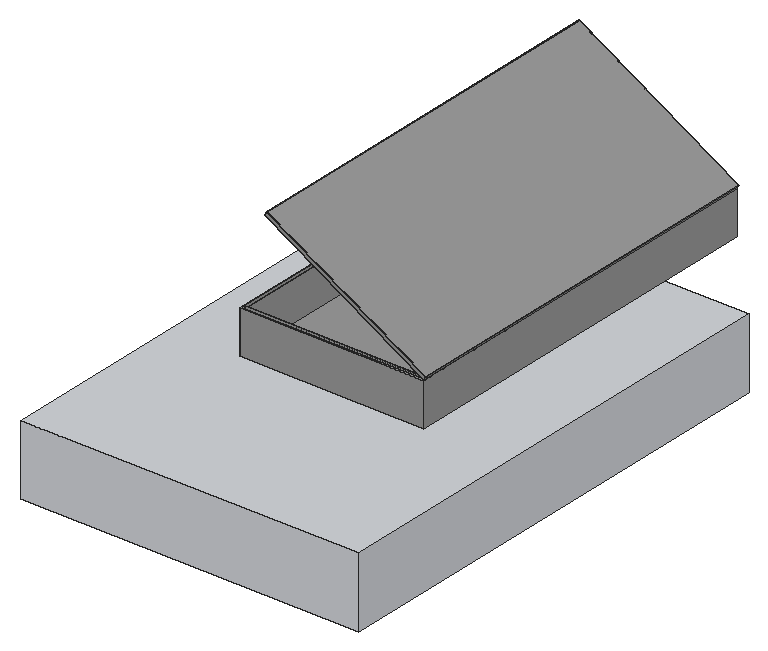
Revit family "Hager-Univers-IP44-D205-H1700-Cl.I-encl-PL-en", category Equipement électrique, Revit 2020
Family settings
  Hôte = Face
  Configuration du panneau = Deux colonnes, circuits au sein
  Cote de connecteur circulaire = Utiliser le diamètre
  Type d'élément = Tableau de raccordement
  Couper avec des vides une fois chargée = Non
  Partagée = Non
  Point de calcul de pièce = Non
Parameters (values of type "Surface mounted (plaster) IP44 W800 H1700 D205  - FP13TN2")
  Width Control [instance] = if([EF000008 - Width] > Min Width, [EF000008 - Width], Min Width)  # 800 mm
  Commentaires du type = [HG000003 - Range]  # "Univers"
  Thickness Door [instance] = if([EF009171 - Material plate thickness door/cover] > 3 mm, 3 mm, [EF009171 - Material plate thickness door/cover])  # 1 mm
  Seal Frame Offset [instance] = 17 mm  # constant formula
  Plinth Visibility [instance] = [HG000027 - Plinth height] > 0 mm  # no
  Model = ""
  Min Width [instance] = 100 mm  # constant formula
  Min Height [instance] = 100 mm  # constant formula
  Min Depth [instance] = (2 * [EF009170 - Material plate thickness cabinet]) + 1 mm  # 3 mm
  Internal Frame Depth [instance] = (Door System Depth * 0.5)  # 9 mm
  Height Control [instance] = if([EF000040 - Height] > Min Height, [EF000040 - Height], Min Height)  # 1700 mm
  HG000027 - Plinth height = 0 mm
  HG000026 - Floor standing = no
  HG000024 - Bottom section height = 800 mm
  HG000023 - Double section enclosure = no
  HG000016 - Door 3d visibility [instance] = yes
  HG000015 - Clearance visibility [instance] = no
  HG000014 - Door on the right [instance] = yes
  HG000013 - Door on the left [instance] = not([HG000014 - Door on the right])  # no
  HG000012 - Door swing angle [instance] = 30.00°
  HG000010 - Asymmetric doors = no
  HG000009 - Double swing door = no
  HG000006 - Flush mounted = no
  HG000004 - Manufacturer reference = "FP13TN2"
  HG000003 - Range = "Univers"
  HG000002 - With door or cover = yes
  Frame Offset Bottom [instance] = 10 mm  # constant formula
  Frame Offset [instance] = 15 mm  # constant formula
  EF015940 - Cover with overpressure release = no
  EF011959 - Degree of protection (NEMA) = ""
  EF009554 - Number of openings for flange plates = 6
  EF009212 - Cover model = "EV000116 - Closed"
  EF009171 - Material plate thickness door/cover = 1 mm
  EF009170 - Material plate thickness cabinet = 1 mm
  Fabricant = "Hager"  # constant formula
  EF008873 - Nominal current (In) = 400 A
  EF007800 - Suitable for lightning protection = no
  EF006306 - With lock = no
  EF006244 - Transparent cover/door = no
  EF005474 - Degree of protection (IP) = "EV006418 - IP44"
  EF004464 - Type of door = "EV002646 - Single"
  EF004427 - Number of modules = 396
  EF004293 - Impact strength = "EV006815 - IK09"
  EF003532 - Suitable for outdoor use = no
  EF002950 - Width in number of modular spacings = 36
  EF001613 - Circuit integrity = "EV000494 - None"
  EF001596 - Material housing = "EV000179 - Steel"
  EF001131 - Internal depth = 205 mm
  EF001088 - Extension possible = yes
  EF000437 - Number of conduit inlets = 6
  EF000339 - Type of cover = "EV001012 - Cover"
  EF000266 - Number of rows = 11
  EF000218 - Built-in depth = 205 mm
  EF000118 - With mounting plate = no
  EF000116 - RAL-number = "9010"
  EF000049 - Depth = 205 mm
  EF000040 - Height = 1700 mm
  EF000008 - Width = 800 mm
  EF000007 - Colour = "EV000202 - White"
  EF000003 - Mounting method = "EV000384 - Surface mounted (plaster)"
  Door System Leaf Tolerance [instance] = 1.5 mm  # constant formula
  Door System Depth [instance] = 18 mm  # constant formula
  Door Height [instance] = Height Control - [HG000027 - Plinth height]  # 1700 mm
  Depth Control [instance] = if([EF000049 - Depth] > Min Depth, [EF000049 - Depth], Min Depth)  # 205 mm
  Default Elevation = 0 mm
  Connector Offset [instance] = Height Control / 2  # 850 mm
  Bottom Top Plate Trim [instance] = 1.5 mm  # constant formula
  Plinth height Ctrl [instance] = if([HG000027 - Plinth height] > 0 mm, [HG000027 - Plinth height], 12 mm)  # 12 mm
Types (4, lengths in mm): name | Width Control | HG000010 - Asymmetric doors | HG000009 - Double swing door | HG000004 - Manufacturer reference | EF009554 - Number of openings for flange plates | EF008873 - Nominal current (In) | EF004464 - Type of door | EF004427 - Number of modules | EF002950 - Width in number of modular spacings | EF000437 - Number of conduit inlets | EF000008 - Width
  Surface mounted (plaster) IP44 W1300 H1700 D205  - FP15TN2 | 1300 | yes | yes | "FP15TN2" | 10 | 400 A | "EV003602 - Double" | 660 | 60 | 10 | 1300
  Surface mounted (plaster) IP44 W300 H1700 D205  - FP11TN2 | 300 | no | no | "FP11TN2" | 2 | 250 A | "EV002646 - Single" | 132 | 12 | 2 | 300
  Surface mounted (plaster) IP44 W550 H1700 D205  - FP12TN2 | 550 | no | no | "FP12TN2" | 4 | 250 A | "EV002646 - Single" | 264 | 24 | 4 | 550
  Surface mounted (plaster) IP44 W800 H1700 D205  - FP13TN2 | 800 | no | no | "FP13TN2" | 6 | 400 A | "EV002646 - Single" | 396 | 36 | 6 | 800
Reference planes
  plane 1 "Center (Front/Back)": y = 0
  plane 2: z = 0
  plane 3 "Center (Left/Right)": x = 0
  plane 4: z = 205
  plane 5: y = 1
  plane 6: y = 850
  plane 7: y = 0
  plane 8: y = 1700
  plane 9: z = 0
  plane 10: x = -385
  plane 11: x = 385
  plane 12: x = 384
  plane 13: x = -384
  plane 14: y = 1699
  plane 15: x = -383
  plane 16: x = -400
  plane 17: x = 383
  plane 18: x = 400
  plane 19: x = 399
  plane 20: x = -399
  plane 21: y = 11
  plane 22: y = 1700
  plane 23: y = 1684
  plane 24: z = 187
  plane 25: z = 1
  plane 26: z = 186
  plane 27: z = 204
Forms (mm)
  Extrusion 1, solid
    sketch origin (0, 0, 0) x (1, 0, 0) y (0, 1, 0)
      loop
        line (-702.964, 1305) -> (-702.964, -811.445) -> (766.763, -811.445) -> (766.763, 1305) -> (-702.964, 1305)
    from 0 to -304.8
  Extrusion 2, solid, material "Hager_Steel_RAL7035_Light_Grey", visible <- "Plinth Visibility", detail levels medium+fine
    sketch origin (0, 0, 0) x (1, 0, 0) y (0, 1, 0)
      loop
        line (-400, 0) -> (400, 0) -> (400, 12) -> (-400, 12) -> (-400, 0)
    from 0 to 187
  Extrusion 3, solid, material "Hager_Steel_RAL7035_Light_Grey", detail levels medium+fine
    sketch origin (0, 0, 0) x (1, 0, 0) y (0, 1, 0)
      loop
        line (-400, 0) -> (400, 0) -> (400, 1700) -> (-400, 1700) -> (-400, 0)
    from 0 to 187
  Extrusion 4, void
    sketch origin (0, 0, 0) x (1, 0, 0) y (0, 1, 0)
      loop
        line (-399, 1) -> (399, 1) -> (399, 1699) -> (-399, 1699) -> (-399, 1)
    from 1 to 186
  Extrusion 5, void
    sketch origin (-381.607, -4572, 187) x (0, -1, 0) y (-1, 0, 0)
      loop
        line (-4583, 2.393) -> (-6256, 2.393) -> (-6256, -765.607) -> (-4583, -765.607) -> (-4583, 2.393)
    from 0 to 1 <- "EF009170 - Material plate thickness cabinet"
  Extrusion 6, solid, material "Hager_Steel_RAL7035_Light_Grey", detail levels fine
    sketch origin (0, 0, 187) x (1, 0, 0) y (0, 1, 0)
      loop
        line (-384, 1684) -> (-384, 11) -> (384, 11) -> (384, 1684) -> (-384, 1684)
      loop
        line (-385, 10) -> (385, 10) -> (385, 1685) -> (-385, 1685) -> (-385, 10)
    from 0 to 9 <- "Internal Frame Depth"
  Extrusion 7, solid, material "Hager_Steel_RAL7035_Light_Grey", detail levels coarse
    sketch origin (0, 0, 0) x (1, 0, 0) y (0, 1, 0)
      loop
        line (-400, 0) -> (400, 0) -> (400, 1700) -> (-400, 1700) -> (-400, 0)
    from 0 to 205
  Sweep 8, void
    path in 3D
      loop
        line (-400, 12, 0) -> (400, 12, 0) -> (400, 12, 187) -> (-400, 12, 187) -> (-400, 12, 0)
    profile origin (-400, 12, 93.5) x (-1, 0, 0) y (0, -1, 0)
      loop
        line (0, 0) -> (0, 1.5) -> (-1.5, 1.5)
        arc (-1.5, 1.5) -> (-1.061, 0.439) -> (0, 0) r 1.5
Cuts and joins
  Extrusion 4, Extrusion 5 cuts Extrusion 3
  Sweep 8 cuts Extrusion 2
Lines and regions (mm)
  Masking region 1
    outline origin (0, 0, 0) x (1, 0, 0) y (0, 0, 1)
      loop
        line (-400, 205) -> (-400, 0) -> (400, 0) -> (400, 205) -> (-400, 205)
  Masking region 2, detail levels medium+fine
    outline origin (0, 140, 0) x (0, 1, 0) y (0, 0, 1)
      loop
        line (-140, 0) -> (1560, 0) -> (1560, 187) -> (-140, 187) -> (-140, 0)
  Masking region 3, not visible, detail levels medium+fine
    outline origin (0, 297.922, 0) x (0, 1, 0) y (0, 0, 1)
      loop
        line (563.578, 0) -> (603.578, 0) -> (603.578, 194)
        arc (603.578, 194) -> (600.649, 201.071) -> (593.578, 204) r 10
        line (593.578, 204) -> (563.578, 204) -> (563.578, 0)
  Masking region 4, detail levels coarse
    outline origin (0, 0, 180) x (0, 1, 0) y (0, 0, 1)
      loop
        line (0, -180) -> (1700, -180) -> (1700, 25) -> (0, 25) -> (0, -180)
  Masking region 5, visible <- "Plinth Visibility", detail levels medium+fine
    outline origin (0, 52.24, 12.345) x (0, 0, -1) y (0, 1, 0)
      loop
        line (10.845, -40.24) -> (-173.155, -40.24)
        arc (-173.155, -40.24) -> (-173.594, -41.301) -> (-174.655, -41.74) r 1.5
        line (-174.655, -41.74) -> (-174.655, -52.24) -> (12.345, -52.24) -> (12.345, -41.74)
        arc (12.345, -41.74) -> (11.285, -41.301) -> (10.845, -40.24) r 1.5
  Masking region 6, detail levels medium+fine
    outline origin (-381.607, -4572, 187) x (-1, 0, 0) y (0, -1, 0)
      loop
        line (18.393, -6272) -> (18.393, -4572) -> (-781.607, -4572) -> (-781.607, -6272) -> (18.393, -6272)
  Masking region 7, visible <- "Plinth Visibility", detail levels medium+fine
    outline origin (-381.607, -4727, 187) x (-1, 0, 0) y (0, -1, 0)
      loop
        arc (16.893, -4739) -> (17.332, -4737.939) -> (18.393, -4737.5) r 1.5
        line (18.393, -4737.5) -> (18.393, -4727) -> (-781.607, -4727) -> (-781.607, -4737.5)
        arc (-781.607, -4737.5) -> (-780.546, -4737.939) -> (-780.107, -4739) r 1.5
        line (-780.107, -4739) -> (16.893, -4739)
  Masking region 8, detail levels coarse
    outline origin (-442.548, -4669.526, 187) x (-1, 0, 0) y (0, -1, 0)
      loop
        line (-42.548, -6369.526) -> (-42.548, -4669.526) -> (-842.548, -4669.526) -> (-842.548, -6369.526) -> (-42.548, -6369.526)
  sketch lines
    curve 1: line (-400, 12, 187) -> (-400, 12, 0)
    curve 2: line (400, 12, 187) -> (-400, 12, 187)
    curve 3: line (400, 12, 187) -> (400, 12, 0)
    curve 4: line (-400, 12, 0) -> (400, 12, 0)
Dimensions and locks
  "Depth Control": plane 4 to Extrusion 1
  "HG000027 - Plinth height": plane 1 "Center (Front/Back)" to plane 7
  "EF009170 - Material plate thickness cabinet": plane 5 to plane 7
  locked: connector elem to plane 3 "Center (Left/Right)"
  equal spacing: plane 8, plane 6, plane 7
  locked: connector elem to plane 6
  "EF009170 - Material plate thickness cabinet": plane 8 to plane 14
  "EF009170 - Material plate thickness cabinet": plane 10 to plane 13
  "EF009170 - Material plate thickness cabinet": plane 12 to plane 11
  "Frame Offset": plane 20 to plane 13
  "Frame Offset": plane 12 to plane 19
  "EF009170 - Material plate thickness cabinet": plane 16 to plane 20
  "EF009170 - Material plate thickness cabinet": plane 19 to plane 18
  "Seal Frame Offset": plane 16 to plane 15
  "Seal Frame Offset": plane 17 to plane 18
  "Frame Offset Bottom": plane 21 to plane 5
  "Frame Offset": plane 14 to plane 23
  equal spacing: plane 16, plane 3 "Center (Left/Right)", plane 18
  "Width Control": plane 16 to plane 18
  "EF009170 - Material plate thickness cabinet": plane 4 to plane 27
  "EF009170 - Material plate thickness cabinet": plane 24 to plane 26
  "EF009170 - Material plate thickness cabinet": plane 25 to level
  "Door System Depth": plane 4 to plane 24
  "Height Control": plane 1 "Center (Front/Back)" to Extrusion 7 sketch curve
  "Height Control": Masking region 4 sketch curve to plane 1 "Center (Front/Back)"
  "Height Control": plane 1 "Center (Front/Back)" to plane 22
  "Bottom Top Plate Trim": profile plane to Sweep 8 sketch curve
  "Bottom Top Plate Trim": Sweep 8 sketch curve to profile plane
  "Plinth height Ctrl": plane 1 "Center (Front/Back)" to Extrusion 2 sketch curve
  "Plinth height Ctrl": Masking region 5 sketch curve to plane 1 "Center (Front/Back)"
  "Plinth height Ctrl": plane 1 "Center (Front/Back)" to Masking region 7 sketch curve
  "Thickness Door": Extrusion 6 sketch curve to Extrusion 6 sketch curve  (x3)
  "Thickness Door": cut or joined group of Extrusion 3, Extrusion 4, Extrusion 5 to Extrusion 6 sketch curve
  radius of Masking region 3 sketch curve = 10 mm
  "Bottom Top Plate Trim": radius of Masking region 5 sketch curve  (x2)
  "Bottom Top Plate Trim": radius of Sweep 8 sketch curve
  "Bottom Top Plate Trim": radius of Masking region 7 sketch curve  (x2)
  aligned and locked: plane 2 to Extrusion 1
  aligned and locked: level to Extrusion 1
  aligned and locked: level to Masking region 1 sketch curve
  aligned and locked: Masking region 1 sketch curve to plane 18
  aligned and locked: Masking region 1 sketch curve to plane 16
  aligned and locked: plane 7 to Masking region 2 sketch curve
  aligned and locked: level to Masking region 3 sketch curve
  aligned and locked: Masking region 3 sketch curve to plane 27
  aligned and locked: level to Masking region 2 sketch curve
  aligned and locked: plane 1 "Center (Front/Back)" to Extrusion 2 sketch curve
  aligned and locked: Extrusion 3 sketch curve to plane 7
  aligned and locked: plane 16 to Extrusion 3 sketch curve
  aligned and locked: plane 18 to Extrusion 3 sketch curve
  aligned and locked: plane 20 to Extrusion 4 sketch curve
  aligned and locked: plane 19 to Extrusion 4 sketch curve
  aligned and locked: Extrusion 4 sketch curve to plane 5
  aligned and locked: Extrusion 4 to plane 25
  aligned and locked: plane 26 to Extrusion 4
  aligned and locked: plane 24 to Extrusion 3
  aligned and locked: Extrusion 5 sketch curve to plane 21
  aligned and locked: Extrusion 5 sketch curve to plane 13
  aligned and locked: Extrusion 5 sketch curve to plane 12
  aligned and locked: plane 18 to Extrusion 7 sketch curve
  aligned and locked: plane 1 "Center (Front/Back)" to Extrusion 7 sketch curve
  aligned and locked: plane 16 to Extrusion 7 sketch curve
  aligned and locked: plane 4 to Extrusion 7
  aligned and locked: Extrusion 7 to level
  aligned and locked: level to Masking region 4 sketch curve
  aligned and locked: Masking region 4 sketch curve to plane 1 "Center (Front/Back)"
  aligned and locked: Masking region 4 sketch curve to plane 4
  aligned and locked: nested 1 to level
  aligned and locked: nested 1 to plane 16
  aligned and locked: plane 8 to Extrusion 3 sketch curve
  aligned and locked: plane 23 to Extrusion 5 sketch curve
  aligned and locked: plane 14 to Extrusion 4 sketch curve
  aligned and locked: Masking region 2 sketch curve to plane 8
  aligned and locked: level to Masking region 5 sketch curve
  aligned and locked: plane 16 to Extrusion 2 sketch curve
  aligned and locked: plane 18 to Extrusion 2 sketch curve
  aligned and locked: Masking region 5 sketch curve to plane 24
  aligned and locked: Masking region 2 sketch curve to plane 24
  aligned and locked: plane 24 to Extrusion 2
  aligned and locked: profile plane to Sweep 8 sketch curve  (x2)
  aligned and locked: Masking region 6 sketch curve to plane 18
  aligned and locked: Masking region 6 sketch curve to plane 22
  aligned and locked: Masking region 6 sketch curve to plane 16
  aligned and locked: plane 8 to plane 22
  aligned and locked: Masking region 6 sketch curve to plane 7
  aligned and locked: Masking region 7 sketch curve to plane 16
  aligned and locked: Masking region 7 sketch curve to plane 1 "Center (Front/Back)"
  aligned and locked: Masking region 7 sketch curve to plane 18
  aligned and locked: Masking region 8 sketch curve to plane 1 "Center (Front/Back)"
  aligned and locked: Masking region 8 sketch curve to plane 18
  aligned and locked: Masking region 8 sketch curve to plane 22
  aligned and locked: Masking region 8 sketch curve to plane 16
  aligned and locked: nested 2 to plane 7
  aligned and locked: plane 3 "Center (Left/Right)" to nested 2
  aligned and locked: nested 2 to plane 24
  aligned and locked: Extrusion 6 sketch curve to cut or joined group of Extrusion 3, Extrusion 4, Extrusion 5  (x4)
Automatic sketch dimensions
  Extrusion 1 sketch curve to Extrusion 1 sketch curve = 1469.727 mm
  Extrusion 1 sketch curve to Extrusion 1 sketch curve = 2116.445 mm
  Masking region 1 sketch curve to plane 4 = 0 mm
  plane 6 to Masking region 3 sketch curve = 11.5 mm
  Masking region 3 sketch curve to Masking region 3 sketch curve = 30 mm
  Masking region 5 sketch curve to plane 1 "Center (Front/Back)" = 0 mm
Nested families
  nested 1: "Hager_Enclosure_Symbol" at (-400, 0, 0) x (1, 0, 0) z (0, -1, 0), Height <- "Depth Control", Width <- "Width Control", type "Hager_Enclosure_Symbol"
    with Width_Ctrl 800 mm, Width 800 mm, Height_Ctrl 205 mm, Height 205 mm, A_Width_Int 13.453 mm, A_Width 161.438 mm, A_Height_Ctrl 179.375 mm, A_Height 179.375 mm
  nested 2: "EC000058_Univers_Door" at (0, 0, 187) x (1, 0, 0) z (0, 1, 0), Leaf_Tolerance <- "Door System Leaf Tolerance", Angle <- "HG000012 - Door swing angle", Door_Depth <- "Door System Depth", Door_Left <- "HG000013 - Door on the left", Transparent <- "EF006244 - Transparent cover/door", Assymetrical <- "HG000010 - Asymmetric doors", Width <- "Width Control", Clearance <- "HG000015 - Clearance visibility", Double <- "HG000009 - Double swing door", 3d_Door <- "HG000016 - Door 3d visibility", Lock_Visibility <- "EF006306 - With lock", Width_Ctrl <- "Width Control", Door_Right <- "HG000014 - Door on the right", Door <- "HG000002 - With door or cover", Height <- "Door Height", Thickness <- "Thickness Door", type "EC000058_Univers_Door", detail levels medium+fine
    with min_wh 3 mm, Width_Ctrl 800 mm, Width 800 mm, Transparent no, Thickness 1 mm, Seal_Material Hager_Rubber, Lock_Visibility no, Lock_Material Hager_Plastic_RAL9005_Jet_Black, Leaf_Width 800 mm, Leaf_Tolerance_External_Sides 0 mm, Leaf_Tolerance 1.5 mm, Leaf_Offset 0 mm, Leaf_Height 1697 mm, Leaf_2_Width 800 mm, Leaf_2_Offset 400 mm, Leaf_1_Width 800 mm, Leaf_1_Offset 400 mm, Height_Ctrl 1700 mm, Height 1700 mm, Glass_Material Hager_Glass, Double_Clearance_Ctrl no, Double no, Door_Right_Ctrl yes, Door_Right yes, Door_Material Hager_Steel_RAL7035_Light_Grey, Door_Left_Ctrl no, Door_Left no, Door_Depth 18 mm, Door yes, Clearance_Material Hager_Clearance, Clearance_Depth 800 mm, Clearance_Ctrl no, Clearance no, Assymetrical no, Angle 30.00°, 3d_Door yes
Connectors
  electrical at (0, 850, 0)
    settings: on plane 9, index 1, voltage 0 V, apparent load 0 VA, apparent load phase1 0 VA, apparent load phase2 0 VA, apparent load phase3 0 VA, power factor 1, load classification "Other", number of poles 1, system type 30, power factor state 1, is connector primary yes, connector utility no, sub classification motor no, connector description ""
Definition of nested family "EC000058_Univers_Door"
  Parameters (values of type "EC000058_Univers_Door")
    min_wh [instance] = (2 * Thickness) + 1 mm  # 11 mm
    Width_Ctrl [instance] = 400 mm
    Width [instance] = 500 mm
    Transparent [instance] = yes
    Thickness [instance] = 5 mm
    Seal_Material [instance] = none
    Lock_Visibility [instance] = yes
    Lock_Material [instance] = none
    Leaf_Width [instance] = if((Width_Ctrl - 2 * Leaf_Tolerance_External_Sides) > 0 mm, (Width_Ctrl - 2 * Leaf_Tolerance_External_Sides), min_wh)  # 400 mm
    Leaf_Tolerance_External_Sides [instance] = 0 mm  # constant formula
    Leaf_Tolerance [instance] = 1.5 mm
    Leaf_Offset [instance] = 0 mm  # constant formula
    Leaf_Height [instance] = if((Height_Ctrl - 2 * Leaf_Tolerance) > 0 mm, (Height_Ctrl - 2 * Leaf_Tolerance), min_wh)  # 497 mm
    Leaf_2_Width [instance] = if(and(and(Double, Assymetrical), Door_Left), (Leaf_Width / 3) - (Leaf_Tolerance / 2), if(and(and(Double, Assymetrical), Door_Right), (Leaf_Width / 3) * 2 - (Leaf_Tolerance / 2), if(and(Double, not(Assymetrical)), (Leaf_Width / 2) - Leaf_Tolerance, Leaf_Width)))  # 400 mm
    Leaf_2_Offset [instance] = if(and(Double, Assymetrical), Leaf_2_Width / 2, if(and(Double, not(Assymetrical)), Leaf_Width / 4, Leaf_Width / 2))  # 200 mm
    Leaf_1_Width [instance] = if(and(and(Double, Assymetrical), Door_Right), (Leaf_Width / 3) - (Leaf_Tolerance / 2), if(and(and(Double, Assymetrical), Door_Left), (Width / 3) * 2 - (Leaf_Tolerance / 2), if(and(Double, not(Assymetrical)), (Leaf_Width / 2) - Leaf_Tolerance, Leaf_Width)))  # 400 mm
    Leaf_1_Offset [instance] = if(and(Double, Assymetrical), Leaf_1_Width / 2, if(and(Double, not(Assymetrical)), Leaf_Width / 4, Leaf_Width / 2))  # 200 mm
    Height_Ctrl [instance] = if(Height > min_wh, Height, min_wh)  # 500 mm
    Height [instance] = 500 mm
    Glass_Material [instance] = none
    Double_Clearance_Ctrl [instance] = and(Double, Clearance)  # no
    Double [instance] = no
    Door_Right_Ctrl [instance] = and(or(Door_Right, Double), Door)  # yes
    Door_Right [instance] = yes
    Door_Material [instance] = none
    Door_Left_Ctrl [instance] = and(or(Door_Left, Double), Door)  # no
    Door_Left [instance] = no
    Door_Depth [instance] = 30 mm
    Door [instance] = yes
    Default Elevation = 1219.2 mm
    Clearance_Material [instance] = none
    Clearance_Depth [instance] = if(Leaf_1_Width > Leaf_2_Width, Leaf_1_Width, Leaf_2_Width)  # 400 mm
    Clearance_Ctrl [instance] = and(not(Double), Clearance)  # yes
    Clearance [instance] = yes
    Assymetrical [instance] = yes
    Angle [instance] = 30.00°
    3d_Door [instance] = yes
  Reference planes
    plane 1 "Center (Front/Back)": y = 0
    plane 2 "Bottom": z = 0
    plane 3 "Center (Left/Right)": x = 0
    plane 4: z = 500
    plane 5: x = -200
    plane 6: x = 200
    plane 7: z = 500
    plane 8: x = -200
    plane 9: z = 0
    plane 10: x = 200
    plane 11: y = 0
    plane 12: z = 1.5
    plane 13: x = -600
    plane 14: y = -400
    plane 15: x = 600
    plane 16: x = 0
    plane 17: x = 0
    plane 18: x = -200
    plane 19: x = 200
    plane 20: z = 498.5
  Forms (mm)
    Extrusion 1, solid, material <- "Clearance_Material", visible <- "Double_Clearance_Ctrl"
      sketch origin (1200, 0, 0) x (1, 0, 0) y (0, 0, -1)
        loop
          line (-1800, -498.5) -> (-600, -498.5) -> (-600, 0) -> (-1800, 0) -> (-1800, -498.5)
      from 0 to -400
  Dimensions and locks
    equal spacing: plane 5, plane 3 "Center (Left/Right)", plane 6
    "Width_Ctrl": plane 5 to plane 6
    "Leaf_Offset": plane 5 to plane 8
    "Leaf_Offset": plane 6 to plane 10
    "Leaf_Offset": plane 9 to level
    "Leaf_Offset": plane 4 to plane 7
    "Height_Ctrl": plane 4 to level
    "Leaf_Tolerance": plane 12 to plane 9
    locked: plane 11 to plane 1 "Center (Front/Back)"
    "Leaf_1_Offset": plane 18 to plane 16
    "Leaf_2_Offset": plane 17 to plane 19
    "Leaf_1_Width": plane 13 to plane 8
    "Leaf_2_Width": plane 10 to plane 15
    "Clearance_Depth": plane 14 to plane 1 "Center (Front/Back)"
    "Leaf_Tolerance_External_Sides": plane 8 to plane 18
    "Leaf_Tolerance_External_Sides": plane 19 to plane 10
    "Leaf_Tolerance": plane 7 to plane 20
    aligned and locked: level to plane 2 "Bottom"
    aligned and locked: nested 1 to plane 16
    aligned and locked: nested 2 to plane 17
    aligned and locked: Extrusion 1 to plane 13
    aligned and locked: plane 15 to Extrusion 1
    aligned and locked: Extrusion 1 to plane 14
    aligned and locked: plane 12 to nested 1
    aligned and locked: nested 2 to plane 12
    aligned and locked: Extrusion 1 to plane 11
    aligned and locked: plane 20 to Extrusion 1
    aligned and locked: nested 2 to plane 11
    aligned and locked: nested 1 to plane 11
  Automatic sketch dimensions
    Extrusion 1 sketch curve to level = 0 mm
    plane 5 to Extrusion 1 sketch curve = 400 mm
    plane 6 to Extrusion 1 sketch curve = 400 mm
    Extrusion 1 sketch curve to plane 4 = 1.5 mm
  Nested families
    nested 1: "EC000058_Univers_Door_Leaf" at (0, 0, 1.5), Width <- "Leaf_1_Width", visible <- "Door_Left_Ctrl", Leaf_Height <- "Leaf_Height", Angle <- "Angle", 3d_Door <- "3d_Door", Transparent <- "Transparent", Clearance Material <- "Clearance_Material", Clearance <- "Clearance_Ctrl", Door_Material <- "Door_Material", Glass_Material <- "Glass_Material", Door_Depth <- "Door_Depth", Lock_Material <- "Lock_Material", Seal_Material <- "Seal_Material", Lock_Visibility <- "Lock_Visibility", Thickness <- "Thickness", type "EC000058_Univers_Door_Leaf"
      with Width 400 mm, Transparent_Glass_Offset 30 mm, Transparent_Ctrl yes, Transparent yes, Thickness 5 mm, Standard no, Seal_Material none, Seal_D2 8 mm, Seal_D1 1 mm, Offset_Internal_Frame 10 mm, Lock_Width 20 mm, Lock_Visibility_3d yes, Lock_Visibility yes, Lock_Thickness_3 3 mm, Lock_Thickness_2 1 mm, Lock_Thickness_1 3 mm, Lock_Radius_Offset_2 16 mm, Lock_Radius_Offset_1 15 mm, Lock_Radius_2 5 mm, Lock_Radius 6 mm, Lock_Offset 5 mm, Lock_Material none, Lock_Height 80 mm, Lock_Cover_Top_Offset_2d 17 mm, Lock_Cover_Height -65 mm, Leaf_Height 497 mm, Internal_Seal_Thickness 8 mm, Internal_Seal_Depth_2 4.5 mm, Internal_Frame_Depth 25 mm, Glass_Thickness -1 mm, Glass_Offset -2 mm, Glass_Material none, Door_Material none, Door_Depth 30 mm, Clearance Material none, Clearance yes, Angle_Ctrl 30.00°, Angle 30.00°, 3d_Door yes
    nested 2: "EC000058_Univers_Door_Leaf" at (0, 0, 1.5) x (-1, 0, 0) z (0, 0, 1), Width <- "Leaf_2_Width", visible <- "Door_Right_Ctrl", Leaf_Height <- "Leaf_Height", Angle <- "Angle", 3d_Door <- "3d_Door", Transparent <- "Transparent", Clearance Material <- "Clearance_Material", Clearance <- "Clearance_Ctrl", Door_Material <- "Door_Material", Glass_Material <- "Glass_Material", Door_Depth <- "Door_Depth", Lock_Material <- "Lock_Material", Seal_Material <- "Seal_Material", Lock_Visibility <- "Lock_Visibility", Thickness <- "Thickness", type "EC000058_Univers_Door_Leaf"
      with Width 400 mm, Transparent_Glass_Offset 30 mm, Transparent_Ctrl yes, Transparent yes, Thickness 5 mm, Standard no, Seal_Material none, Seal_D2 8 mm, Seal_D1 1 mm, Offset_Internal_Frame 10 mm, Lock_Width 20 mm, Lock_Visibility_3d yes, Lock_Visibility yes, Lock_Thickness_3 3 mm, Lock_Thickness_2 1 mm, Lock_Thickness_1 3 mm, Lock_Radius_Offset_2 16 mm, Lock_Radius_Offset_1 15 mm, Lock_Radius_2 5 mm, Lock_Radius 6 mm, Lock_Offset 5 mm, Lock_Material none, Lock_Height 80 mm, Lock_Cover_Top_Offset_2d 17 mm, Lock_Cover_Height -65 mm, Leaf_Height 497 mm, Internal_Seal_Thickness 8 mm, Internal_Seal_Depth_2 4.5 mm, Internal_Frame_Depth 25 mm, Glass_Thickness -1 mm, Glass_Offset -2 mm, Glass_Material none, Door_Material none, Door_Depth 30 mm, Clearance Material none, Clearance yes, Angle_Ctrl 30.00°, Angle 30.00°, 3d_Door yes
  Definition of nested family "EC000058_Univers_Door_Leaf"
    Parameters (values of type "EC000058_Univers_Door_Leaf")
      Width [instance] = 2000 mm
      Transparent_Glass_Offset [instance] = 30 mm
      Transparent_Ctrl [instance] = and(Transparent, [3d_Door])  # yes
      Transparent [instance] = yes
      Thickness [instance] = 5 mm
      Standard [instance] = and(not(Transparent), [3d_Door])  # no
      Seal_Material [instance] = none
      Seal_D2 [instance] = 8 mm  # constant formula
      Seal_D1 [instance] = 1 mm  # constant formula
      Offset_Internal_Frame [instance] = 10 mm  # constant formula
      Lock_Width [instance] = 20 mm  # constant formula
      Lock_Visibility_3d [instance] = and(Lock_Visibility, [3d_Door])  # yes
      Lock_Visibility [instance] = yes
      Lock_Thickness_3 [instance] = 3 mm  # constant formula
      Lock_Thickness_2 [instance] = 1 mm  # constant formula
      Lock_Thickness_1 [instance] = 3 mm  # constant formula
      Lock_Radius_Offset_2 [instance] = Lock_Radius_Offset_1 + 1 mm  # 16 mm
      Lock_Radius_Offset_1 [instance] = 15 mm  # constant formula
      Lock_Radius_2 [instance] = Lock_Radius - 1 mm  # 5 mm
      Lock_Radius [instance] = 6 mm  # constant formula
      Lock_Offset [instance] = 5 mm  # constant formula
      Lock_Material [instance] = none
      Lock_Height [instance] = 80 mm  # constant formula
      Lock_Cover_Top_Offset_2d [instance] = Lock_Radius_Offset_2 + 1 mm  # 17 mm
      Lock_Cover_Height [instance] = -(Lock_Height - Lock_Radius_Offset_1)  # -65 mm
      Leaf_Height [instance] = 2720.336 mm
      Internal_Seal_Thickness [instance] = 8 mm  # constant formula
      Internal_Seal_Depth_2 [instance] = 4.5 mm  # constant formula
      Internal_Frame_Depth [instance] = if(Door_Depth - Thickness > 5 mm, Door_Depth - Thickness, 5 mm)  # 25 mm
      Glass_Thickness [instance] = if(Thickness > 15 mm, Glass_Offset + 10 mm, -1 mm)  # -1 mm
      Glass_Offset [instance] = if(Thickness > 15 mm, -(Thickness + 10 mm) / 2, -2 mm)  # -2 mm
      Glass_Material [instance] = none
      Door_Material [instance] = none
      Door_Depth [instance] = 30 mm
      Default Elevation = 0 mm
      Clearance Material [instance] = none
      Clearance [instance] = yes
      Angle_Ctrl [instance] = if(Angle > 180.00°, 180.00°, Angle)  # 90.00°
      Angle [instance] = 90.00°
      3d_Door [instance] = yes
    Reference planes
      plane 1 "Center (Front/Back)": y = 0
      plane 2: z = 0
      plane 3 "Center (Left/Right)": x = 0
      plane 4: y = 2000
      plane 5: x = -1000
      plane 6: x = 1000
      plane 7: x = -3000
      plane 8: z = 2720.336
      plane 9: z = 30
      plane 10: z = 2690.336
      plane 11: x = 970
      plane 12: x = -970
      plane 13: y = -3
      plane 14: z = 107.833
      plane 15: y = -5
      plane 16: y = -223.314
      plane 17: x = -1000
      plane 18: z = 1360.168
      plane 19: y = 30
    Forms (mm)
      Extrusion 1, solid, material <- "Clearance Material", visible <- "Clearance"
        sketch origin (0, 0, 0) x (1, 0, 0) y (0, 0, 1)
          loop
            line (-3000, 2720.336) -> (-3000, 0) -> (1000, 0) -> (1000, 2720.336) -> (-3000, 2720.336)
        from 0 to -2000
      Extrusion 2, solid, material <- "Door_Material", visible <- "Standard", detail levels medium+fine
        sketch origin (-1000, 0, 0) x (0, 1, 0) y (-1, 0, 0)
          loop
            line (0, 30) -> (0, 25) -> (2000, 25) -> (2000, 30) -> (0, 30)
        from 0 to 2720.336 <- "Leaf_Height"
      Extrusion 3, solid, material <- "Door_Material", visible <- "Transparent_Ctrl", detail levels medium+fine
        sketch origin (-1000, 0, 0) x (0, 1, 0) y (-1, 0, 0)
          loop
            line (0, 25) -> (2000, 25) -> (2000, 30) -> (0, 30) -> (0, 25)
        from 0 to 2720.336 <- "Leaf_Height"
      Extrusion 4, void
        sketch origin (-1025, 2000, 0) x (0, 1, 0) y (0, 0, -1)
          loop
            line (-30, -2690.336) -> (-30, -30) -> (-1970, -30) -> (-1970, -2690.336) -> (-30, -2690.336)
        from 0 to 5 <- "Thickness"
      Sweep 5, solid, material <- "Seal_Material", visible <- "Transparent_Ctrl", detail levels fine
        path in 3D
          loop
            line (-1025, 30, 30) -> (-1025, 30, 2690.336) -> (-1025, 1970, 2690.336) -> (-1025, 1970, 30) -> (-1025, 30, 30)
        profile origin (-1025, 1000, 30) x (1, 0, 0) y (0, 0, 1)
          loop
            line (0, 0) -> (0, -8) -> (1, -8) -> (1, 0) -> (0, 0)
      Extrusion 6, solid, material <- "Glass_Material", visible <- "Transparent_Ctrl", detail levels medium+fine
        sketch origin (-1030, 0, 0) x (0, 1, 0) y (0, 0, -1)
          loop
            line (1970, -2690.336) -> (1970, -30) -> (30, -30) -> (30, -2690.336) -> (1970, -2690.336)
        from -2 <- "Glass_Offset" to -1 <- "Glass_Thickness"
      Extrusion 7, solid, material <- "Door_Material", visible <- "3d_Door", detail levels medium+fine
        sketch origin (-1025, 2000, 0) x (0, -1, 0) y (0, 0, -1)
          loop
            line (0, -2720.336) -> (2000, -2720.336) -> (2000, 0) -> (0, 0) -> (0, -2720.336)
          loop
            line (1995, -5) -> (5, -5) -> (5, -2715.336) -> (1995, -2715.336) -> (1995, -5)
        from 0 to 25 <- "Internal_Frame_Depth"
      Sweep 8, solid, material <- "Seal_Material", visible <- "Transparent_Ctrl", detail levels fine
        path in 3D
          loop
            line (-1025, 0, 0) -> (-1025, 2000, 0) -> (-1025, 2000, 2720.336) -> (-1025, 0, 2720.336) -> (-1025, 0, 0)
        profile origin (-1025, 0, 1360.168) x (1, 0, 0) y (0, 1, 0)
          loop
            line (0, 10) -> (2.975, 10)
            arc (2.975, 10) -> (4.053, 10.447) -> (4.5, 11.525) r 1.525
            line (4.5, 11.525) -> (4.5, 16.527)
            arc (4.5, 16.527) -> (4.069, 17.569) -> (3.027, 18) r 1.473
            line (3.027, 18) -> (0, 18) -> (0, 10)
      Extrusion 9, solid, material <- "Lock_Material", visible <- "Lock_Visibility_3d", detail levels fine
        sketch origin (-1030, 0, 0) x (0, 1, 0) y (0, 0, -1)
          loop
            arc (1993.5, -1400.168) -> (1994.561, -1399.729) -> (1995, -1398.668) r 1.5
            line (1995, -1398.668) -> (1995, -1320.168) -> (1975, -1320.168) -> (1975, -1398.668)
            arc (1975, -1398.668) -> (1975.439, -1399.729) -> (1976.5, -1400.168) r 1.5
            line (1976.5, -1400.168) -> (1993.5, -1400.168)
        from 3 <- "Lock_Thickness_1" to 0
      Blend 10, solid, material <- "Lock_Material", visible <- "Lock_Visibility_3d", detail levels fine
        base sketch origin (-1033, 0, 0) x (0, 1, 0) y (0, 0, -1)
          loop
            line (1975, -1320.168) -> (1975, -1398.668)
            arc (1975, -1398.668) -> (1975.439, -1399.729) -> (1976.5, -1400.168) r 1.5
            line (1976.5, -1400.168) -> (1993.5, -1400.168)
            arc (1993.5, -1400.168) -> (1994.561, -1399.729) -> (1995, -1398.668) r 1.5
            line (1995, -1398.668) -> (1995, -1320.168) -> (1975, -1320.168)
        top sketch origin (-1033, 0, 0) x (0, 1, 0) y (0, 0, -1)
          loop
            line (1976, -1320.168) -> (1976, -1398.668)
            arc (1976, -1398.668) -> (1976.146, -1399.022) -> (1976.5, -1399.168) r 0.5
            line (1976.5, -1399.168) -> (1993.5, -1399.168)
            arc (1993.5, -1399.168) -> (1993.854, -1399.022) -> (1994, -1398.668) r 0.5
            line (1994, -1398.668) -> (1994, -1320.168) -> (1976, -1320.168)
        from 0 to 1 <- "Lock_Thickness_2"
      Blend 11, solid, material <- "Lock_Material", visible <- "Lock_Visibility_3d", detail levels fine
        base sketch origin (-1034, 0, 0) x (0, 1, 0) y (0, 0, -1)
          loop
            line (1978, -1320.168) -> (1978, -1384.168)
            arc (1978, -1384.168) -> (1985, -1391.168) -> (1992, -1384.168) r 7
            line (1992, -1384.168) -> (1992, -1320.168) -> (1978, -1320.168)
        top sketch origin (-1034, 0, 0) x (0, 1, 0) y (0, 0, -1)
          loop
            line (1991, -1320.168) -> (1979, -1320.168) -> (1979, -1383.168)
            arc (1979, -1383.168) -> (1985, -1389.168) -> (1991, -1383.168) r 6
            line (1991, -1383.168) -> (1991, -1320.168)
        from 0 to 3 <- "Lock_Thickness_3"
      Extrusion 12, solid, material <- "Lock_Material", visible <- "Lock_Visibility_3d", detail levels fine
        sketch origin (-1030, 1975, 1320.168) x (1, 0, 0) y (0, -1, 0)
          loop
            line (-7, -19) -> (-7, -1) -> (0, -1) -> (0, 0) -> (-8, 0) -> (-8, -20) -> (0, -20) -> (0, -19) -> (-7, -19)
        from 0 to -65 <- "Lock_Cover_Height"
      Extrusion 13, void
        sketch origin (-1038, 1995, 1320.168) x (-1, 0, 0) y (0, 0, -1)
          loop
            line (-5, -65) -> (0, -65) -> (-5, -60) -> (-5, -65)
        from 0 to 20 <- "Lock_Width"
      Extrusion 14, void
        sketch origin (-1038, 1975, 1320.168) x (0, -1, 0) y (0, 0, -1)
          loop
            circle (-10, -15.995) r 6
          loop
            circle (-10, -15.995) r 5
        from 0 to 2
      Extrusion 15, solid, material <- "Lock_Material", visible <- "Lock_Visibility_3d", detail levels medium
        sketch origin (-1030, 0, 0) x (0, 1, 0) y (0, 0, -1)
          loop
            arc (1993.5, -1400.168) -> (1994.561, -1399.729) -> (1995, -1398.668) r 1.5
            line (1995, -1398.668) -> (1995, -1320.168) -> (1975, -1320.168) -> (1975, -1398.668)
            arc (1975, -1398.668) -> (1975.439, -1399.729) -> (1976.5, -1400.168) r 1.5
            line (1976.5, -1400.168) -> (1993.5, -1400.168)
        from 8 to 0
    Cuts and joins
      Extrusion 4 cuts Extrusion 3
      Extrusion 13, Extrusion 14 cuts Extrusion 9
      Extrusion 14 cuts Blend 11
      Extrusion 13, Extrusion 14 cuts Extrusion 12
      joined: Extrusion 9, Blend 10, Blend 11, Extrusion 12
      Extrusion 14 cuts Extrusion 15
    Lines and regions (mm)
      Masking region 1, visible <- "Lock_Visibility", detail levels fine
        outline origin (0, 0, 0) x (0, 1, 0) y (0, 0, 1)
          loop
            line (30, 1320.168) -> (33, 1320.168) -> (33, 1400.168) -> (30, 1400.168) -> (30, 1320.168)
      Masking region 2, visible <- "Lock_Visibility", detail levels fine
        outline origin (0, 3.143, 0) x (0, 1, 0) y (0, 0, 1)
          loop
            line (29.857, 1354.168) -> (30.857, 1354.168) -> (30.857, 1366.168) -> (29.857, 1366.168) -> (29.857, 1354.168)
      Masking region 3, detail levels medium+fine
        outline origin (0, 0, 0) x (0, 1, 0) y (0, 0, 1)
          loop
            line (0, 0) -> (30, 0) -> (30, 2720.336) -> (0, 2720.336) -> (0, 0)
      Masking region 4, detail levels medium+fine
        outline origin (0, 0, 0) x (1, 0, 0) y (0, 0, 1)
          loop
            line (-1000, 2720.336) -> (-1000, 0) -> (1000, 0) -> (1000, 2720.336) -> (-1000, 2720.336)
      Masking region 5, visible <- "Lock_Visibility", detail levels fine
        outline origin (-47.116, 0, 0) x (1, 0, 0) y (0, 0, 1)
          loop
            arc (1024.616, 1399.168) -> (1023.556, 1398.729) -> (1023.116, 1397.668) r 1.5
            line (1023.116, 1397.668) -> (1023.116, 1320.168) -> (1041.116, 1320.168) -> (1041.116, 1397.668)
            arc (1041.116, 1397.668) -> (1040.677, 1398.729) -> (1039.616, 1399.168) r 1.5
            line (1039.616, 1399.168) -> (1024.616, 1399.168)
      Masking region 6, visible <- "Lock_Visibility", detail levels medium+fine
        outline origin (-25, 0, 0) x (1, 0, 0) y (0, 0, 1)
          loop
            arc (1001.5, 1400.168) -> (1000.439, 1399.729) -> (1000, 1398.668) r 1.5
            line (1000, 1398.668) -> (1000, 1320.168) -> (1020, 1320.168) -> (1020, 1398.668)
            arc (1020, 1398.668) -> (1019.561, 1399.729) -> (1018.5, 1400.168) r 1.5
            line (1018.5, 1400.168) -> (1001.5, 1400.168)
      Masking region 7, visible <- "Lock_Visibility", detail levels fine
        outline origin (-73.735, 0, 0) x (1, 0, 0) y (0, 0, 1)
          loop
            line (1051.735, 1382.168) -> (1065.735, 1382.168) -> (1065.735, 1384.168)
            arc (1065.735, 1384.168) -> (1058.735, 1391.168) -> (1051.735, 1384.168) r 7
            line (1051.735, 1384.168) -> (1051.735, 1382.168)
      Masking region 8, visible <- "Lock_Visibility", detail levels fine
        outline origin (-73.735, 0, 0) x (1, 0, 0) y (0, 0, 1)
          loop
            line (1052.735, 1382.168) -> (1064.735, 1382.168) -> (1064.735, 1383.168)
            arc (1064.735, 1383.168) -> (1058.735, 1389.168) -> (1052.735, 1383.168) r 6
            line (1052.735, 1383.168) -> (1052.735, 1382.168)
      Masking region 9, visible <- "Lock_Visibility", detail levels fine
        outline origin (-25, 0, 0) x (1, 0, 0) y (0, 0, 1)
          loop
            line (1020, 1320.168) -> (1020, 1382.168) -> (1000, 1382.168) -> (1000, 1320.168) -> (1020, 1320.168)
      Masking region 10, detail levels medium+fine
        outline origin (0, 0, 0) x (1, 0, 0) y (0, 0, 1)
          loop
            circle (985, 1335.144) r 6
      Masking region 11, detail levels fine
        outline origin (0, 0, 0) x (1, 0, 0) y (0, 0, 1)
          loop
            circle (985, 1335.144) r 5
      Masking region 12, visible <- "Lock_Visibility", detail levels fine
        outline origin (0, 12.767, 0) x (0, 1, 0) y (0, 0, 1)
          loop
            line (20.233, 1320.168) -> (21.233, 1320.168) -> (21.233, 1399.168) -> (20.233, 1400.168) -> (20.233, 1320.168)
      Masking region 13, visible <- "Lock_Visibility", detail levels fine
        outline origin (0, 13.767, -10) x (0, 1, 0) y (0, 0, 1)
          loop
            line (20.233, 1330.168) -> (23.233, 1330.168) -> (23.233, 1399.168) -> (20.233, 1402.168) -> (20.233, 1330.168)
      Masking region 14, visible <- "Lock_Visibility", detail levels fine
        outline origin (0, 12.767, -10) x (0, 1, 0) y (0, 0, 1)
          loop
            line (20.233, 1330.168) -> (25.233, 1330.168) -> (25.233, 1399.305) -> (20.233, 1394.305) -> (20.233, 1330.168)
      Masking region 15, visible <- "Lock_Visibility", detail levels medium
        outline origin (0, 0, 0) x (0, 1, 0) y (0, 0, 1)
          loop
            line (30, 1320.168) -> (38, 1320.168) -> (38, 1400.168) -> (30, 1400.168) -> (30, 1320.168)
      Masking region 16, visible <- "Lock_Visibility", detail levels fine
        outline origin (-1000, 0, 0) x (0, 1, 0) y (-1, 0, 0)
          loop
            line (1975, 30) -> (1995, 30) -> (1995, 38) -> (1975, 38) -> (1975, 30)
          loop
            line (1979, 37) -> (1976, 37) -> (1976, 34) -> (1978, 34) -> (1979, 37)
          loop
            line (1994, 37) -> (1991, 37) -> (1992, 34) -> (1994, 34) -> (1994, 37)
      Masking region 17, visible <- "Lock_Visibility", detail levels medium
        outline origin (-1000, 0, 0) x (0, 1, 0) y (-1, 0, 0)
          loop
            line (1975, 30) -> (1995, 30) -> (1995, 38) -> (1975, 38) -> (1975, 30)
      symbolic lines
        curve 1: line (1000, 0, 0) -> (-3000, 0, 0)
        curve 2: arc (1000, 0, 0) -> (-1000, 2000, 0) -> (-3000, 0, 0) r 2000
        curve 4: line (-1030, 0, 0) -> (-1030, 2000, 0)
      reference lines
        curve 3: line (-1000, 0, 0) -> (-1000, 2000, 0)
      symbolic lines, detail levels medium+fine
        curve 5: line (-1030, 2000, 0) -> (-1025, 2000, 0)
        curve 7: line (-1025, 0, 0) -> (-1030, 0, 0)
        curve 8: line (-1025, 0, 0) -> (-1000, 0, 0)
        curve 9: line (-1000, 0, 0) -> (-1000, 2000, 0)
        curve 10: line (-1000, 2000, 0) -> (-1025, 2000, 0)
      symbolic lines, detail levels fine
        curve 6: line (-1025, 2000, 0) -> (-1025, 0, 0)
      sketch lines
        curve 11: line (-1025, 0, 2720.336) -> (-1025, 0, 0)
        curve 12: line (-1025, 2000, 0) -> (-1025, 0, 0)
        curve 13: line (-1025, 2000, 2720.336) -> (-1025, 2000, 0)
        curve 14: line (-1025, 0, 2720.336) -> (-1025, 2000, 2720.336)
        curve 15: line (-1025, 1970, 30) -> (-1025, 30, 30)
        curve 16: line (-1025, 30, 30) -> (-1025, 30, 2690.336)
        curve 17: line (-1025, 1970, 2690.336) -> (-1025, 1970, 30)
        curve 18: line (-1025, 30, 2690.336) -> (-1025, 1970, 2690.336)
      symbolic lines, visible <- "Transparent", detail levels medium+fine
        curve 19: line (-970, 0, 2690.336) -> (970, 0, 2690.336)
        curve 20: line (-970, 0, 30) -> (-970, 0, 2690.336)
        curve 21: line (970, 0, 30) -> (-970, 0, 30)
        curve 22: line (970, 0, 2690.336) -> (970, 0, 30)
    Dimensions and locks
      "Width": plane 1 "Center (Front/Back)" to plane 4
      equal spacing: plane 5, plane 3 "Center (Left/Right)", plane 6
      "Width": plane 5 to plane 6
      "Width": plane 7 to plane 5
      "Leaf_Height": plane 8 to level
      "Width": curve 5 to curve 3
      "Width": curve 3 to curve 3
      plane 8 to plane 10 = 30 mm
      plane 9 to level = 30 mm
      plane 12 to plane 5 = 30 mm
      plane 6 to plane 11 = 30 mm
      Extrusion 1 to Extrusion 4 sketch curve = 30 mm
      "Transparent_Glass_Offset": curve 3 to Extrusion 4 sketch curve
      "Transparent_Glass_Offset": Extrusion 4 sketch curve to cut or joined group of Extrusion 3, Extrusion 4  (x2)
      cut or joined group of Extrusion 3, Extrusion 4 to Extrusion 6 sketch curve = 30 mm
      "Transparent_Glass_Offset": cut or joined group of Extrusion 3, Extrusion 4 to Extrusion 4 sketch curve
      "Thickness": curve 6 to curve 4
      "Thickness": Extrusion 7 sketch curve to Extrusion 7 sketch curve  (x4)
      "Door_Depth": curve 4 to curve 3
      "Offset_Internal_Frame": profile plane to Sweep 8 sketch curve
      "Internal_Seal_Thickness": Sweep 8 sketch curve to Sweep 8 sketch curve
      "Internal_Seal_Depth_2": profile plane to Sweep 8 sketch curve
      "Seal_D1": profile plane to Sweep 5 sketch curve
      "Seal_D2": profile plane to Sweep 5 sketch curve
      "Thickness": Extrusion 2 sketch curve to Extrusion 2 sketch curve
      equal spacing: Extrusion 9 sketch curve, plane 18, Extrusion 9 sketch curve  (x2)
      equal spacing: Masking region 1 sketch curve, plane 18, Masking region 1 sketch curve
      "Lock_Height": Masking region 1 sketch curve to Masking region 1 sketch curve
      "Lock_Radius": Masking region 2 sketch curve to plane 18 to Masking region 2 sketch curve
      Masking region 2 sketch curve to Masking region 1 = 1 mm
      "Door_Depth": plane 19 to plane 1 "Center (Front/Back)"
      "Lock_Thickness_1": Masking region 1 sketch curve to plane 19
      "Lock_Width": Extrusion 9 sketch curve to Extrusion 9 sketch curve
      "Lock_Height": Extrusion 9 sketch curve to Extrusion 9 sketch curve
      "Lock_Offset": cut or joined group of Extrusion 3, Extrusion 4 to Extrusion 9 sketch curve
      equal spacing: plane 8, plane 18, level
      "Lock_Radius_Offset_1": Blend 11 sketch curve to Blend 10
      locked: Blend 10 to Blend 11 sketch curve at 2  (x2)
      locked: var sketch to Blend 11 sketch curve at 1  (x2)
      "Lock_Radius_Offset_2": Blend 11 sketch curve to Blend 10
      locked: Extrusion 12 sketch curve to Extrusion 12 sketch curve at 1  (x3)
      Masking region 6 sketch curve to Masking region 6 sketch curve = 80 mm
      "Lock_Height": Masking region 6 sketch curve to Masking region 6 sketch curve
      "Lock_Width": Masking region 6 sketch curve to Masking region 6 sketch curve
      locked: Masking region 6 to Masking region 5 sketch curve at 1  (x3)
      locked: Masking region 5 to Masking region 7 sketch curve at 2  (x2)
      "Lock_Radius_Offset_1": Masking region 5 to Masking region 7 sketch curve
      "Lock_Radius_Offset_2": Masking region 5 to Masking region 8 sketch curve
      locked: Masking region 7 to Masking region 8 sketch curve at 1  (x2)
      "Lock_Cover_Top_Offset_2d": Masking region 5 to Masking region 9 sketch curve
      equal spacing: Masking region 9, Masking region 10 sketch curve, Masking region 9
      equal spacing: Masking region 9, Masking region 11 sketch curve, Masking region 9
      Extrusion 15 sketch curve to Extrusion 15 sketch curve = 80 mm
      "Lock_Width": Extrusion 15 sketch curve to Extrusion 15 sketch curve
      "Lock_Height": Extrusion 15 sketch curve to Extrusion 15 sketch curve
      equal spacing: Extrusion 15 sketch curve, plane 18, Extrusion 15 sketch curve
      "Lock_Thickness_3": Masking region 13 sketch curve to Masking region 13 sketch curve
      "Lock_Height": Masking region 12 sketch curve to Masking region 12 sketch curve
      locked: Masking region 13 sketch curve to Masking region 1 at 8
      locked: Masking region 14 sketch curve to Masking region 13 at 1
      locked: Masking region 14 sketch curve to Masking region 1 at 10.863
      "Lock_Height": Masking region 15 sketch curve to Masking region 15 sketch curve
      "Lock_Offset": Extrusion 15 sketch curve to cut or joined group of Extrusion 3, Extrusion 4
      "Lock_Offset": plane 6 to Masking region 6 sketch curve
      radius of Sweep 8 sketch curve = 1.525 mm
      radius of Sweep 8 sketch curve = 1.473 mm
      radius of Extrusion 9 sketch curve = 1.5 mm  (x2)
      "Lock_Radius": radius of Extrusion 14 sketch curve
      "Lock_Radius_2": radius of Extrusion 14 sketch curve
      "Lock_Radius": radius of Masking region 10 sketch curve
      "Lock_Radius_2": radius of Masking region 11 sketch curve
      radius of Extrusion 15 sketch curve = 1.5 mm  (x2)
      "Angle_Ctrl": angle plane 1 "Center (Front/Back)" to curve 3
      locked: Masking region 12 sketch curve to Masking region 12 sketch curve (angle 45.00°)
      locked: Masking region 13 sketch curve to Masking region 13 sketch curve (angle 45.00°)
      locked: Masking region 14 sketch curve to Masking region 14 sketch curve (angle 45.00°)
      aligned and locked: level to plane 2
      aligned and locked: Extrusion 1 to curve 1
      aligned and locked: plane 6 to Extrusion 1
      aligned and locked: Extrusion 1 to plane 1 "Center (Front/Back)"
      aligned and locked: plane 4 to Extrusion 1
      aligned and locked: plane 8 to Extrusion 1
      aligned and locked: curve 7 to Extrusion 2 sketch curve
      aligned and locked: curve 5 to Extrusion 2 sketch curve
      aligned and locked: curve 7 to Extrusion 3 sketch curve
      aligned and locked: Extrusion 3 sketch curve to curve 4
      aligned and locked: Extrusion 3 sketch curve to curve 6
      aligned and locked: Extrusion 3 sketch curve to curve 5
      aligned and locked: curve 9 to curve 3
      aligned and locked: Extrusion 7 sketch curve to cut or joined group of Extrusion 3, Extrusion 4  (x4)
      aligned and locked: plane 17 to curve 3
      aligned and locked: plane 1 "Center (Front/Back)" to curve 3
      aligned and locked: plane 17 to plane 5
      aligned and locked: Sweep 8 sketch curve to profile plane
      aligned and locked: Sweep 5 sketch curve to profile plane  (x2)
      aligned and locked: Masking region 1 to Masking region 2 sketch curve
      aligned and locked: plane 19 to Masking region 1 sketch curve
      aligned and locked: plane 1 "Center (Front/Back)" to Masking region 3 sketch curve
      aligned and locked: plane 19 to Masking region 3 sketch curve
      aligned and locked: level to Masking region 3 sketch curve
      aligned and locked: Masking region 3 sketch curve to plane 8
      aligned and locked: plane 17 to Masking region 4 sketch curve
      aligned and locked: level to Masking region 4 sketch curve
      aligned and locked: Masking region 4 sketch curve to plane 8
      aligned and locked: plane 12 to curve 20
      aligned and locked: plane 10 to curve 19
      aligned and locked: plane 11 to curve 22
      aligned and locked: curve 21 to plane 9
      aligned and locked: Extrusion 2 sketch curve to cut or joined group of Extrusion 3, Extrusion 4
      aligned and locked: Blend 10 sketch curve to Extrusion 9  (x4)
      aligned and locked: Extrusion 9 to Blend 10 sketch curve
      aligned and locked: Blend 10 to Blend 11 sketch curve
      aligned and locked: Extrusion 12 sketch curve to Blend 11
      aligned and locked: Extrusion 12 sketch curve to Extrusion 9  (x4)
      aligned and locked: Masking region 5 sketch curve to Masking region 6
      aligned and locked: Masking region 9 sketch curve to Masking region 6  (x3)
      aligned and locked: Masking region 12 sketch curve to Masking region 1
      aligned and locked: Masking region 13 sketch curve to Masking region 1
      aligned and locked: Masking region 12 to Masking region 14
      aligned and locked: Masking region 14 sketch curve to Masking region 1
      aligned and locked: Masking region 15 sketch curve to Masking region 14
      aligned and locked: Masking region 13 sketch curve to Masking region 12
      aligned and locked: Masking region 16 sketch curve to cut or joined group of Extrusion 14, Extrusion 15  (x4)
      aligned and locked: Masking region 16 sketch curve to cut or joined group of Extrusion 9, Blend 10, Blend 11, Extrusion 12, Extrusion 13, Extrusion 14  (x6)
      aligned and locked: cut or joined group of Extrusion 9, Blend 10, Blend 11, Extrusion 12, Extrusion 13, Extrusion 14 to Masking region 16 sketch curve
      aligned and locked: Masking region 17 sketch curve to cut or joined group of Extrusion 14, Extrusion 15  (x3)
      aligned and locked: Masking region 17 sketch curve to cut or joined group of Extrusion 9, Blend 10, Blend 11, Extrusion 12, Extrusion 13, Extrusion 14
      aligned and locked: Masking region 9 to Masking region 8 sketch curve
      aligned and locked: Masking region 9 to Masking region 7 sketch curve
    Automatic sketch dimensions
      plane 1 "Center (Front/Back)" to curve 2 = 0 mm
      curve 2 to plane 5 = 0 mm
      Extrusion 1 sketch curve to level = 0 mm
      Extrusion 1 sketch curve to plane 7 = 0 mm
      Extrusion 1 sketch curve to plane 6 = 0 mm
      Extrusion 1 sketch curve to plane 8 = 0 mm
      Extrusion 3 to Extrusion 6 sketch curve = 30 mm  (x4)
      Masking region 4 sketch curve to plane 6 = 0 mm
      Blend 10 sketch curve to Extrusion 9 = 1.5 mm
      Blend 10 sketch curve to Extrusion 9 = 1 mm
      Extrusion 13 sketch curve to Extrusion 12 = 0 mm  (x2)
      Extrusion 12 to Extrusion 13 sketch curve = 3 mm
      Extrusion 13 sketch curve to Extrusion 12 = 5 mm
      Extrusion 14 sketch curve to Extrusion 14 sketch curve = 0 mm  (x2)
      Extrusion 14 sketch curve to Extrusion 12 = 10 mm
      Extrusion 14 sketch curve to Extrusion 12 = 15.995 mm
      Masking region 5 sketch curve to Masking region 5 sketch curve = 1.5 mm  (x2)
      Masking region 10 sketch curve to plane 18 = 25.024 mm
      Masking region 11 sketch curve to plane 18 = 25.024 mm
      plane 19 to Masking region 14 sketch curve = 3 mm
      Masking region 16 sketch curve to Masking region 16 sketch curve = 3 mm
      curve 4 to curve 3 = 0 mm
      Blend 10 to Blend 11 sketch curve = 0 mm
      Masking region 6 sketch curve to Masking region 6 sketch curve = 1.5 mm  (x2)
      Masking region 6 sketch curve to plane 18 = 40 mm
      plane 19 to Masking region 12 sketch curve = 3 mm
      Masking region 12 sketch curve to Masking region 12 sketch curve = 1 mm
      Masking region 15 sketch curve to plane 19 = 0 mm
      Masking region 15 sketch curve to plane 18 = 40 mm
      radius of Blend 10 sketch curve to Extrusion 9 = 1 mm
Definition of nested family "Hager_Enclosure_Symbol"
  Parameters (values of type "Hager_Enclosure_Symbol")
    Width_Ctrl [instance] = if(Width > 1 mm, Width, 1 mm)  # 102.27 mm
    Width [instance] = 102.27 mm
    Height_Ctrl [instance] = if(Height > 1 mm, Height, 1 mm)  # 66.5 mm
    A_Width_Int [instance] = if(A_Width / 12 > 2 mm, A_Width / 12, 2 mm)  # 4.364 mm
    A_Width [instance] = if(A_Height_Ctrl * 0.9 > 2 mm, A_Height_Ctrl * 0.9, 2 mm)  # 52.369 mm
    A_Height_Ctrl [instance] = if(A_Height > 2 mm, A_Height, 2 mm)  # 58.188 mm
    Height [instance] = 66.5 mm
    A_Height [instance] = Height - (Height / 8)  # 58.188 mm
  Reference planes
    plane 1 "Centre (avant/arrière)": y = 0
    plane 2: z = 0
    plane 3 "Centre (gauche/droite)": x = 0
    plane 4: x = 52.369
    plane 5: y = 33.042
    plane 6: y = 41.77
    plane 7: y = 66.5
    plane 8: x = 26.184
    plane 9: y = 37.406
    plane 10: x = 102.27
    plane 11: y = 66.5
    plane 12: y = 8.313
  Lines and regions (mm)
    Filled region 1, type "Solid_Black", in view "Niveau de réf."
      outline origin (0, 0, 0) x (1, 0, 0) y (0, 1, 0)
        loop
          line (52.369, 66.5) -> (33.188, 54.536) -> (45.365, 45.006) -> (52.369, 66.5)
    Filled region 2, type "Solid_Black", in view "Niveau de réf."
      outline origin (0, 0, 0) x (1, 0, 0) y (0, 1, 0)
        loop
          line (0, 0) -> (102.27, 0) -> (102.27, 66.5) -> (0, 0)
    detail lines, in view "Niveau de réf."
      curve 1: line (0, 8.313, 0) -> (26.184, 41.77, 0)
      curve 2: line (26.184, 41.77, 0) -> (26.184, 33.042, 0)
      curve 3: line (26.184, 33.042, 0) -> (52.369, 66.5, 0)
  Dimensions and locks
    "A_Width": plane 3 "Centre (gauche/droite)" to plane 4
    equal spacing: plane 3 "Centre (gauche/droite)", plane 8, plane 4
    equal spacing: plane 6, plane 9, plane 5
    equal spacing: curve 3, Filled region 1 sketch curve, Filled region 1 sketch curve
    "Height_Ctrl": plane 1 "Centre (avant/arrière)" to plane 11
    "A_Height_Ctrl": plane 11 to plane 12
    equal spacing: plane 11, plane 9, plane 12
    "A_Width_Int": plane 6 to plane 9
    "Width_Ctrl": plane 3 "Centre (gauche/droite)" to plane 10
    angle Filled region 1 sketch curve to curve 3 = 20.00°
    angle curve 3 to Filled region 1 sketch curve = 20.00°
    locked: curve 3 to Filled region 1 sketch curve (angle 90.00°)
    aligned and locked: plane 10 to Filled region 2
    aligned and locked: plane 11 to Filled region 2 sketch curve
    aligned and locked: plane 10 to Filled region 2 sketch curve
    aligned and locked: plane 3 "Centre (gauche/droite)" to curve 1
    aligned and locked: plane 12 to curve 1
    aligned and locked: plane 7 to plane 11
  Automatic sketch dimensions
    Filled region 1 sketch curve to plane 4 = 0 mm
    Filled region 1 sketch curve to plane 7 = 0 mm
    plane 1 "Centre (avant/arrière)" to Filled region 2 sketch curve = 0 mm
    Filled region 2 sketch curve to plane 3 "Centre (gauche/droite)" = 0 mm
    curve 2 to plane 6 = 0 mm
    curve 2 to plane 8 = 0 mm
    curve 3 to plane 4 = 0 mm
    curve 2 to plane 5 = 0 mm
    curve 3 to plane 7 = 0 mm
